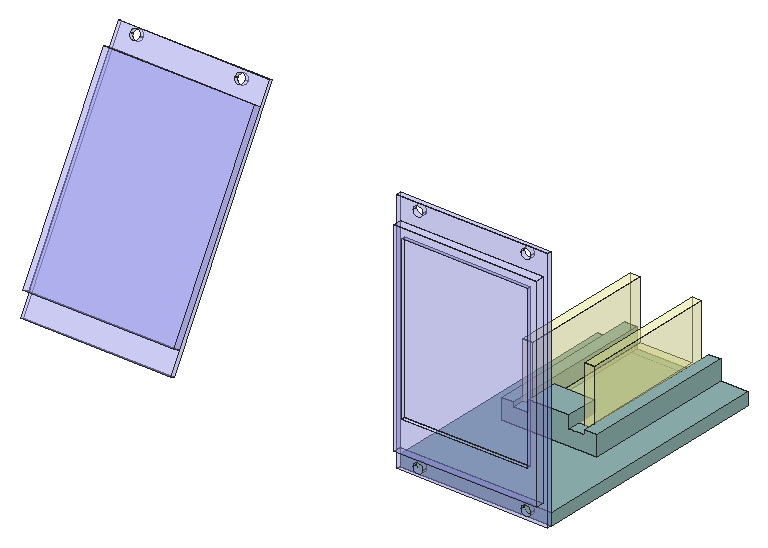
Revit family "DONGLE_TESTE1", category Sistema de mobiliário, Revit 2024
Family settings
  Cota do conector redondo = Utilizar diâmetro
  Tipo de parte = Normal
  Com base no plano de trabalho = Não
  Ativar corte nas vistas = Não
  Sempre na vertical = Sim
  Corte com vazios quando carregada = Não
  Compartilhado = Não
  Ponto de cálculo do ambiente = Não
Parameters
  Elevação padrão = 0 mm
Reference planes
  plane 1 "Centro (Frente/Trás)": y = 0
  plane 2: z = 0
  plane 3 "Centro (Esquerda/Direita)": x = 0
  plane 4 "TELA": through (4267.2, -31, 0) normal (0, -0.866, 0.5)
Forms (mm)
  Extrusion 1, solid, material "PECA BASE"
    sketch origin (0, 0, 0) x (1, 0, 0) y (0, 1, 0)
      loop
        line (-19, 31) -> (-19, -31) -> (19, -31) -> (19, 31) -> (-19, 31)
    from 0 to 3
  Extrusion 2, solid, material "PECA BASE"
    sketch origin (0, 0, 0) x (1, 0, 0) y (0, 1, 0)
      loop
        line (-12, 31) -> (-12, -8) -> (-9, -8) -> (-9, 31) -> (-12, 31)
      loop
        line (9, 31) -> (9, -8) -> (12, -8) -> (12, 31) -> (9, 31)
    from 8 to 3
  Extrusion 3, solid, material "PECA BASE"
    sketch origin (0, 0, 0) x (1, 0, 0) y (0, 1, 0)
      loop
        line (-5, -8) -> (5, -8) -> (5, 0) -> (-5, 0) -> (-5, -8)
    from 10 to 7
  Extrusion 4, solid, material "PECA BASE"
    sketch origin (0, 0, 0) x (1, 0, 0) y (0, 1, 0)
      loop
        line (9, -5) -> (-9, -5) -> (-9, -8) -> (9, -8) -> (9, -5)
    from 7 to 3
  Extrusion 5, solid, material ".PLACA"
    sketch origin (0, -2, 0) x (1, 0, 0) y (0, 1, 0)
      loop
        line (-9, 31) -> (-9, -3) -> (9, -3) -> (9, 31) -> (-9, 31)
    from 6 to 3
  Extrusion 6, solid, material ".PLACA"
    sketch origin (0, -2, 0) x (1, 0, 0) y (0, 1, 0)
      loop
        line (-9, 31) -> (-9, -3) -> (-6.5, -3) -> (-6.5, 31) -> (-9, 31)
    from 21 to 3
  Extrusion 7, solid, material ".PLACA"
    sketch origin (15.5, -2, 0) x (1, 0, 0) y (0, 1, 0)
      loop
        line (-9, 31) -> (-9, -3) -> (-6.5, -3) -> (-6.5, 31) -> (-9, 31)
    from 21 to 3
  Extrusion 8, solid, material ".TELA"
    sketch origin (-95, 0, 0) x (0, 1, 0) y (0, 0, 1)
      loop
        line (-31, 0) -> (0, 53.694) -> (-1.039, 54.294) -> (-32.039, 0.6) -> (-31, 0)
    from 19 to -19
  Extrusion 9, solid, material ".TELA"
    sketch origin (-95, -1.039, 0.6) x (0, 1, 0) y (0, 0, 1)
      loop
        line (-28.2, 4.85) -> (-2.8, 48.844) -> (-4.705, 49.944) -> (-30.105, 5.95) -> (-28.2, 4.85)
    from 19 to -19
  Extrusion 10, void
    sketch origin (-95, -23.25, 13.423) x (0, -0.5, -0.866025) y (1, 0, 0)
      loop
        circle (-44.507, 12.405) r 1.25
      loop
        circle (-45.022, -14.239) r 1.25
    from 21 to -5.381
  Extrusion 11, solid, material ".TELA"
    sketch origin (0, -1.2, 0) x (1, 0, 0) y (0, 1, 0)
      loop
        line (-19, -31) -> (19, -31) -> (19, -29.8) -> (-19, -29.8) -> (-19, -31)
    from 62 to 0
  Extrusion 12, solid, material ".TELA"
    sketch origin (0, -2.4, 0) x (1, 0, 0) y (0, 1, 0)
      loop
        line (-18.1, -32) -> (18.1, -32) -> (18.1, -29.8) -> (-18.1, -29.8) -> (-18.1, -32)
    from 56.4 to 5.2
  Extrusion 13, void
    sketch origin (0, 0, 0) x (1, 0, 0) y (0, 0, 1)
      loop
        circle (-13.6, 60) r 1.25
      loop
        circle (13.6, 60) r 1.25
    from 36.044 to 28.94
  Extrusion 14, void
    sketch origin (0, 0, -56.75) x (1, 0, 0) y (0, 0, 1)
      loop
        circle (-13.6, 58.75) r 1.25
      loop
        circle (13.6, 58.75) r 1.25
    from 36.044 to 28.94
  Extrusion 15, void
    sketch origin (0, 0, 0) x (1, 0, 0) y (0, 1, 0)
      loop
        line (-16.065, -34.4) -> (15.75, -34.4) -> (15.75, -33.4) -> (-16.065, -33.4) -> (-16.065, -34.4)
    from 54 to 13.2
Cuts and joins
  joined: Extrusion 1, Extrusion 2, Extrusion 3, Extrusion 4
  joined: Extrusion 5, Extrusion 6, Extrusion 7
  Extrusion 10 cuts Extrusion 8
  Extrusion 13, Extrusion 14, Extrusion 15 cuts Extrusion 11
  Extrusion 15 cuts Extrusion 12
  joined: Extrusion 11, Extrusion 12
Lines and regions (mm)
  model lines
    curve 1: line (-13.6, 0, 58.75) -> (-13.6, 0, 61.25)
    curve 2: line (-14.85, 0, 60) -> (-12.35, 0, 60)
    curve 3: line (13.6, 0, 58.75) -> (13.6, 0, 61.25)
    curve 4: line (12.35, 0, 60) -> (14.85, 0, 60)
    curve 5: line (13.6, 0, 0.75) -> (13.6, 0, 3.25)
    curve 6: line (12.35, 0, 2) -> (14.85, 0, 2)
    curve 7: line (-13.6, 0, 0.75) -> (-13.6, 0, 3.25)
    curve 8: line (-14.85, 0, 2) -> (-12.35, 0, 2)
    curve 9: line (-18.1, 0, 56.4) -> (-18.1, 0, 89.585)
Dimensions and locks
  Extrusion 11 to Extrusion 13 sketch curve = 5.4 mm
  Extrusion 11 to Extrusion 13 sketch curve = 2 mm
  cut or joined group of Extrusion 11, Extrusion 12, Extrusion 13, Extrusion 14, Extrusion 15 to cut or joined group of Extrusion 11, Extrusion 12, Extrusion 13, Extrusion 14, Extrusion 15 = 62 mm
  cut or joined group of Extrusion 11, Extrusion 12, Extrusion 13, Extrusion 14, Extrusion 15 to cut or joined group of Extrusion 11, Extrusion 12, Extrusion 13, Extrusion 14, Extrusion 15 to cut or joined group of Extrusion 11, Extrusion 12, Extrusion 13, Extrusion 14, Extrusion 15 to cut or joined group of Extrusion 11, Extrusion 12, Extrusion 13, Extrusion 14, Extrusion 15 = 2 mm, 58 mm, 2 mm
  cut or joined group of Extrusion 11, Extrusion 12, Extrusion 13, Extrusion 14, Extrusion 15 to cut or joined group of Extrusion 11, Extrusion 12, Extrusion 13, Extrusion 14, Extrusion 15 to cut or joined group of Extrusion 11, Extrusion 12, Extrusion 13, Extrusion 14, Extrusion 15 to cut or joined group of Extrusion 11, Extrusion 12, Extrusion 13, Extrusion 14, Extrusion 15 = 5.6 mm, 51.2 mm, 5.2 mm
  cut or joined group of Extrusion 11, Extrusion 12, Extrusion 13, Extrusion 14, Extrusion 15 to cut or joined group of Extrusion 11, Extrusion 12, Extrusion 13, Extrusion 14, Extrusion 15 to cut or joined group of Extrusion 11, Extrusion 12, Extrusion 13, Extrusion 14, Extrusion 15 to cut or joined group of Extrusion 11, Extrusion 12, Extrusion 13, Extrusion 14, Extrusion 15 to cut or joined group of Extrusion 11, Extrusion 12, Extrusion 13, Extrusion 14, Extrusion 15 to cut or joined group of Extrusion 11, Extrusion 12, Extrusion 13, Extrusion 14, Extrusion 15 = 5.6 mm, 2.4 mm, 40.8 mm, 8 mm, 5.2 mm
  cut or joined group of Extrusion 11, Extrusion 12, Extrusion 13, Extrusion 14, Extrusion 15 to curve 1 to curve 3 to cut or joined group of Extrusion 11, Extrusion 12, Extrusion 13, Extrusion 14, Extrusion 15 = 4.5 mm, 27.2 mm, 4.5 mm
  aligned and locked: level to plane 2
